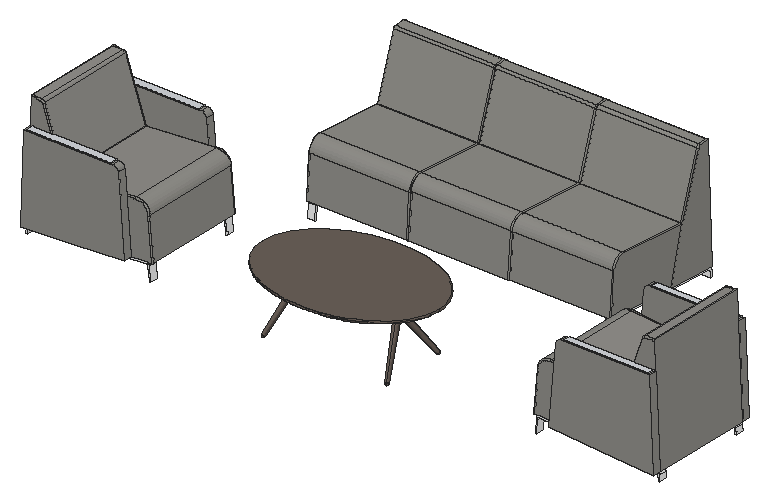
Revit family "T300191", category Furniture, Revit 2015
Parameters (values of type "T300191")
  URL = "https://ofs.com/"
  Manufacturer = "OFS"
  Description = "OFS TYPICAL T300191"
  Copyright © = "©OFS 2021"
  Catalog = "https://ofs.com/2020-experience"
  Authoring Version = "Autodesk Revit Architecture 2015"
  Assembly Code = "E2020400"
Reference planes
  plane 1 "Center Front/Back": y = 0
  plane 2: z = 0
  plane 3 "Center Left/Right": x = 0
Dimensions and locks
  aligned and locked: level to plane 2
Nested families
  nested 1: "OFS ELEMENT OPEN L DESK LEFT AND RIGHT 84in Width 60in Return" at (2590.8, 478.631, 2133.6), type "ELEMENT OPEN L DESK LEFT RETURN 84in Width 60in Return"
    with Right Desk Ovelay no, Left Desk Overlay no, Desk Overlay Option yes
  nested 2: "OFS NEOM SOFA" at (-1701.799, 0, 0), type "OFS NEOM SOFA ARMLESS with Upholstered Back"
    with Arm Caps Option yes, Arm Caps On no
  nested 3: "OFS NEOM CHAIR" at (-1870.746, -3088.751, 0) x (0, 1, 0) z (0, 0, 1), type "OFS NEOM CHAIR UPHOLSTERED ARMS with Upholstered Back"
    with Arm Caps Option yes, Arm Caps On yes
  nested 4: "OFS NEOM CHAIR" at (1966.458, 314.848, 0) x (0, -1, 0) z (0, 0, 1), type "OFS NEOM CHAIR UPHOLSTERED ARMS with Upholstered Back"
    with Arm Caps Option yes, Arm Caps On yes
  nested 5: "OFS ROO OVAL COFFEE TABLE 42x30" at (-356.997, -1368.47, 0), type "ROO OVAL COFFEE TABLE 42x30"
Definition of nested family "OFS NEOM SOFA"
  Parameters (values of type "OFS NEOM SOFA ARMLESS with 3DL Back")
    Width = 72 1/2"
    Upholstered Arms = none
    Upholstered Arm = no
    URL = "http://www.ofs.com/"
    Seat Material = none
    Model = "2000-3 VO"
    Metal Arms = none
    Metal Arm = no
    Manufacturer = "CAROLINA"
    Legs Material = none
    Keynote = ""
    Height = 30"
    Description = "OFS NEOM SOFA ARMLESS with 3DL Back, Upholstered seat and back."
    Depth = 30 3/4"
    Copyright © = "©OFS 2019"
    Catalog = "https://carolina.ofs.com/products/seating/modular-lounge/neom"
    Back Panel Option = no
    Back Panel Material = none
    Authoring Version = "Autodesk Revit Architecture 2013"
    Assembly Code = "E2020200"
    Arm Caps Option [instance] = yes
    Arm Caps On [instance] = and(or(Metal Arm, Upholstered Arm), Arm Caps Option)  # no
    Arm Caps = none
    3DL Back Option = yes
  Types (10): name | Width | Upholstered Arm | Model | Metal Arm | Description | Back Panel Option | Arm Caps On | 3DL Back Option
    (no name) | 72 1/2" | no | "2000-3 VO" | no | "OFS NEOM SOFA ARMLESS with 3DL Back, Upholstered seat and back." | no | no | yes
    OFS NEOM SOFA ARMLESS with Upholstered Back | 72 1/2" | no | "2000-3 VZ" | no | "OFS NEOM SOFA ARMLESS with Upholstered Back, Upholstered seat and back." | no | no | no
    OFS NEOM SOFA UPHOLSTERED ARMS with Veneer Back | 76" | yes | "2005-3 WA" | no | "OFS NEOM SOFA UPHOLSTERED ARMS with Veneer Back, Upholstered seat and back" | yes | yes | no
    OFS NEOM SOFA METAL ARMS with Veneer Back | 76" | no | "2010-3 WA" | yes | "OFS NEOM SOFA METAL ARMS with Veneer Back, Upholstered seat and back" | yes | yes | no
    OFS NEOM SOFA ARMLESS with Veneer Back | 72 1/2" | no | "2000-3 WA" | no | "OFS NEOM SOFA ARMLESS with Veneer Back, Upholstered seat and back" | yes | no | no
    OFS NEOM SOFA ARMLESS with 3DL Back | 72 1/2" | no | "2000-3 VO" | no | "OFS NEOM SOFA ARMLESS with 3DL Back, Upholstered seat and back." | no | no | yes
    OFS NEOM SOFA METAL ARMS with Upholstered Back | 76" | no | "2010-3 VZ" | yes | "OFS NEOM SOFA METAL ARMS with Upholstered Back, Upholstered seat and back" | no | yes | no
    OFS NEOM SOFA METAL ARMS with 3DL Back | 76" | no | "2010-3 VO" | yes | "OFS NEOM SOFA METAL ARMS with 3DL Back, Upholstered seat and back" | no | yes | yes
    OFS NEOM SOFA UPHOLSTERED ARMS with 3DL Back | 76" | yes | "2005-3 VO" | no | "OFS NEOM SOFA UPHOLSTERED ARMS with 3DL Back, Upholstered seat and back" | no | yes | yes
    OFS NEOM SOFA UPHOLSTERED ARMS with Upholstered Back | 76" | yes | "2005-3 VZ" | no | "OFS NEOM SOFA UPHOLSTERED ARMS with Upholstered Back, Upholstered seat and back" | no | yes | no
  Reference planes
    plane 1 "Center Front/Back": y = 0
    plane 2: z = 0
    plane 3: x = 2667
    plane 4: y = -781.049
    plane 5: x = 2622.55
    plane 6: x = 2578.1
    plane 7: x = 2597.15
    plane 8: y = -76.2
    plane 9: x = 736.599
    plane 10: x = 781.049
    plane 11: x = 825.499
    plane 12: x = 806.449
    plane 13: x = 1701.799
  Forms (mm)
    Sweep 1, solid, material <- "Seat Material"
      path origin (0, 0, 0) x (1, 0, 0) y (0, 1, 0)
        loop
          line (781.049, 0) -> (2622.55, 0)
      profile origin (1701.799, 0, 0) x (0, 1, 0) y (0, 0, 1)
        loop
          arc (-665.282, 424.26) -> (-720.443, 406.419) -> (-747.086, 354.93) r 76.2
          line (-747.086, 354.93) -> (-769.119, 103.097) -> (-316.89, 73.158) -> (-232.526, 390.687) -> (-665.282, 424.26)
    Extrusion 2, solid, material <- "Metal Arms", visible <- "Metal Arm"
      sketch origin (0, 0, 0) x (0, 1, 0) y (0, 0, 1)
        loop
          arc (-131.014, 581.31) -> (-126.051, 580.042) -> (-122.306, 576.548) r 10.342
          arc (-122.306, 576.548) -> (-118.56, 573.054) -> (-113.598, 571.785) r 10.342
          line (-113.598, 571.785) -> (-25.468, 571.785) -> (-25.468, 587.66) -> (-564.882, 587.66)
          arc (-564.882, 587.66) -> (-586.332, 579.319) -> (-596.511, 558.677) r 31.75
          line (-596.511, 558.677) -> (-636.892, 97.123) -> (-621.077, 95.739) -> (-613.396, 183.533)
          arc (-613.396, 183.533) -> (-614.227, 188.588) -> (-617.382, 192.623) r 10.342
          arc (-617.382, 192.623) -> (-620.536, 196.659) -> (-621.367, 201.713) r 10.342
          line (-621.367, 201.713) -> (-590.185, 558.124)
          arc (-590.185, 558.124) -> (-582.042, 574.637) -> (-564.882, 581.31) r 25.4
          line (-564.882, 581.31) -> (-131.014, 581.31)
      from 2622.55 to 2667
    Extrusion 3, solid, material <- "Legs Material"
      sketch origin (0, 0, 0) x (0, 1, 0) y (0, 0, 1)
        loop
          line (-13.085, 0) -> (-3.547, 0) -> (-5.418, 35.702)
          arc (-5.418, 35.702) -> (-10.879, 48.083) -> (-23.184, 53.713) r 19.05
          line (-23.184, 53.713) -> (-316.89, 73.158) -> (-729.662, 100.485)
          arc (-729.662, 100.485) -> (-743.351, 95.912) -> (-749.905, 83.054) r 19.05
          line (-749.905, 83.054) -> (-756.806, 0) -> (-747.249, 0) -> (-740.413, 82.265)
          arc (-740.413, 82.265) -> (-737.136, 88.694) -> (-730.291, 90.981) r 9.525
          line (-730.291, 90.981) -> (-317.519, 63.654) -> (-23.813, 44.209)
          arc (-23.813, 44.209) -> (-17.661, 41.394) -> (-14.93, 35.204) r 9.525
          line (-14.93, 35.204) -> (-13.085, 0)
      from 2578.1 to 2622.55
    Sweep 4, void
      path origin (-1803.401, 0, 0) x (0, 1, 0) y (0, 0, 1)
        loop
          line (-24.381, 760.015) -> (-94.015, 754.525)
          arc (-94.015, 754.525) -> (-104.16, 750.612) -> (-110.512, 741.787) r 19.05
          line (-110.512, 741.787) -> (-232.508, 390.757)
      profile origin (-1803.401, -171.51, 566.272) x (0, 0.944582, -0.328277) y (1, 0, 0)
        loop
          line (0, 2590.8) -> (0, 2578.1)
          arc (0, 2578.1) -> (1.86, 2582.59) -> (6.35, 2584.45) r 6.35
          arc (6.35, 2584.45) -> (1.86, 2586.31) -> (0, 2590.8) r 6.35
    Sweep 5, void
      path origin (38.1, 0, 0) x (0, 1, 0) y (0, 0, 1)
        loop
          line (-24.381, 760.015) -> (-94.015, 754.525)
          arc (-94.015, 754.525) -> (-104.16, 750.612) -> (-110.512, 741.787) r 19.05
          line (-110.512, 741.787) -> (-232.508, 390.757)
      profile origin (38.1, -171.51, 566.272) x (0, 0.944582, -0.328277) y (1, 0, 0)
        loop
          line (0, 2590.8) -> (0, 2578.1)
          arc (0, 2578.1) -> (1.86, 2582.59) -> (6.35, 2584.45) r 6.35
          arc (6.35, 2584.45) -> (1.86, 2586.31) -> (0, 2590.8) r 6.35
    Sweep 6, void
      path origin (-1803.401, 0, 0) x (0, 1, 0) y (0, 0, 1)
        loop
          line (-215.783, 389.388) -> (-665.282, 424.26)
          arc (-665.282, 424.26) -> (-720.443, 406.419) -> (-747.086, 354.93) r 76.2
          line (-747.086, 354.93) -> (-770.884, 82.919)
      profile origin (-1803.401, -440.533, 406.824) x (0, -0.077349, -0.997004) y (1, 0, 0)
        loop
          arc (0, 2578.1) -> (1.86, 2582.59) -> (6.35, 2584.45) r 6.35
          arc (6.35, 2584.45) -> (1.86, 2586.31) -> (0, 2590.8) r 6.35
          line (0, 2590.8) -> (0, 2578.1)
    Sweep 7, void
      path origin (38.1, 0, 0) x (0, 1, 0) y (0, 0, 1)
        loop
          line (-215.783, 389.388) -> (-665.282, 424.26)
          arc (-665.282, 424.26) -> (-720.443, 406.419) -> (-747.086, 354.93) r 76.2
          line (-747.086, 354.93) -> (-770.884, 82.919)
      profile origin (38.1, -440.533, 406.824) x (0, -0.077349, -0.997004) y (1, 0, 0)
        loop
          arc (0, 2578.1) -> (1.86, 2582.59) -> (6.35, 2584.45) r 6.35
          arc (6.35, 2584.45) -> (1.86, 2586.31) -> (0, 2590.8) r 6.35
          line (0, 2590.8) -> (0, 2578.1)
    Sweep 8, void
      path origin (-1189.567, 0, 0) x (0, 1, 0) y (0, 0, 1)
        loop
          line (-24.381, 760.015) -> (-94.015, 754.525)
          arc (-94.015, 754.525) -> (-104.16, 750.612) -> (-110.512, 741.787) r 19.05
          line (-110.512, 741.787) -> (-232.508, 390.757)
      profile origin (-1189.567, -171.51, 566.272) x (0, 0.944582, -0.328277) y (1, 0, 0)
        loop
          line (0, 2590.8) -> (0, 2578.1)
          arc (0, 2578.1) -> (1.86, 2582.59) -> (6.35, 2584.45) r 6.35
          arc (6.35, 2584.45) -> (1.86, 2586.31) -> (0, 2590.8) r 6.35
    Sweep 9, void
      path origin (-1189.567, 0, 0) x (0, 1, 0) y (0, 0, 1)
        loop
          line (-215.783, 389.388) -> (-665.282, 424.26)
          arc (-665.282, 424.26) -> (-720.443, 406.419) -> (-747.086, 354.93) r 76.2
          line (-747.086, 354.93) -> (-770.884, 82.919)
      profile origin (-1189.567, -440.533, 406.824) x (0, -0.077349, -0.997004) y (1, 0, 0)
        loop
          arc (0, 2578.1) -> (1.86, 2582.59) -> (6.35, 2584.45) r 6.35
          arc (6.35, 2584.45) -> (1.86, 2586.31) -> (0, 2590.8) r 6.35
          line (0, 2590.8) -> (0, 2578.1)
    Extrusion 10, solid, material <- "Upholstered Arms", visible <- "Upholstered Arm"
      sketch origin (0, 0, 0) x (0, 1, 0) y (0, 0, 1)
        loop
          line (-27.103, 587.66) -> (-564.882, 587.66)
          arc (-564.882, 587.66) -> (-586.332, 579.319) -> (-596.511, 558.677) r 31.75
          line (-596.511, 558.677) -> (-637.134, 94.359) -> (-316.89, 73.158) -> (-2.932, 52.373) -> (-27.103, 587.66)
      from 2622.55 to 2667
    Sweep 11, void
      path origin (-575.734, 0, 0) x (0, 1, 0) y (0, 0, 1)
        loop
          line (-24.381, 760.015) -> (-94.015, 754.525)
          arc (-94.015, 754.525) -> (-104.16, 750.612) -> (-110.512, 741.787) r 19.05
          line (-110.512, 741.787) -> (-232.508, 390.757)
      profile origin (-575.734, -171.51, 566.272) x (0, 0.944582, -0.328277) y (1, 0, 0)
        loop
          line (0, 2590.8) -> (0, 2578.1)
          arc (0, 2578.1) -> (1.86, 2582.59) -> (6.35, 2584.45) r 6.35
          arc (6.35, 2584.45) -> (1.86, 2586.31) -> (0, 2590.8) r 6.35
    Sweep 12, void
      path origin (-575.734, 0, 0) x (0, 1, 0) y (0, 0, 1)
        loop
          line (-215.783, 389.388) -> (-665.282, 424.26)
          arc (-665.282, 424.26) -> (-720.443, 406.419) -> (-747.086, 354.93) r 76.2
          line (-747.086, 354.93) -> (-770.884, 82.919)
      profile origin (-575.734, -440.533, 406.824) x (0, -0.077349, -0.997004) y (1, 0, 0)
        loop
          arc (0, 2578.1) -> (1.86, 2582.59) -> (6.35, 2584.45) r 6.35
          arc (6.35, 2584.45) -> (1.86, 2586.31) -> (0, 2590.8) r 6.35
          line (0, 2590.8) -> (0, 2578.1)
    Extrusion 13, solid, visible <- "Arm Caps On"
      sketch origin (0, 0, 0) x (0, -1, 0) y (1, 0, 0)
        loop
          line (43.372, 2622.55) -> (550.428, 2622.55) -> (550.428, 2667) -> (43.372, 2667) -> (43.372, 2622.55)
      from 587.66 to 593.725
    Extrusion 14, solid, material <- "Back Panel Material", visible <- "Back Panel Option"
      sketch origin (0, 0, 0) x (0, 1, 0) y (0, 0, 1)
        loop
          line (-4.057, 77.295) -> (21.369, 77.295) -> (-8.415, 736.879) -> (-33.841, 736.879) -> (-4.057, 77.295)
      from 806.449 to 2597.15
    Extrusion 15, solid, material <- "Back Panel Material", visible <- "3DL Back Option"
      sketch origin (0, 0, 0) x (0, 1, 0) y (0, 0, 1)
        loop
          line (-4.057, 77.295) -> (21.369, 77.295) -> (-8.415, 736.879) -> (-33.841, 736.879) -> (-4.057, 77.295)
      from 806.449 to 2597.15
    Sweep 16, void
      path origin (0, 21.324, 78.297) x (0, 0.04511, -0.998982) y (-1, 0, 0)
        loop
          line (-659.253, -806.449) -> (-659.253, -2597.15) -> (1.004, -2597.15) -> (1.004, -806.449) -> (-659.253, -806.449)
      profile origin (806.449, 6.477, 407.087) x (-1, 0, 0) y (0, 0.998982, 0.04511)
        loop
          line (2.02, -10.263) -> (2.896, 2.275) -> (-50.8, 2.275) -> (-50.8, 0)
          arc (-50.8, 0) -> (-27.38, -2.182) -> (-4.087, -5.451) r 505.782
          arc (-4.087, -5.451) -> (-1.16, -7.106) -> (0, -10.263) r 4.877
          line (0, -10.263) -> (2.02, -10.263)
    Sweep 17, solid, material <- "Seat Material"
      path origin (0, 0, 0) x (1, 0, 0) y (0, 1, 0)
        loop
          line (781.049, 0) -> (2622.55, 0)
      profile origin (1701.799, 0, 0) x (0, 1, 0) y (0, 0, 1)
        loop
          line (-316.89, 73.158) -> (-2.932, 52.373) -> (-34.701, 755.91)
          arc (-34.701, 755.91) -> (-35.771, 758.146) -> (-38.122, 758.932) r 3.175
          line (-38.122, 758.932) -> (-94.015, 754.525)
          arc (-94.015, 754.525) -> (-104.16, 750.612) -> (-110.512, 741.787) r 19.05
          line (-110.512, 741.787) -> (-232.508, 390.757) -> (-316.89, 73.158)
    Extrusion 18, solid, material <- "Metal Arms", visible <- "Metal Arm"
      sketch origin (3403.599, 0, 0) x (0, 1, 0) y (0, 0, -1)
        loop
          line (-131.014, -581.31) -> (-564.882, -581.31)
          arc (-564.882, -581.31) -> (-582.042, -574.637) -> (-590.185, -558.124) r 25.4
          line (-590.185, -558.124) -> (-621.367, -201.713)
          arc (-621.367, -201.713) -> (-620.536, -196.659) -> (-617.382, -192.623) r 10.342
          arc (-617.382, -192.623) -> (-614.227, -188.588) -> (-613.396, -183.533) r 10.342
          line (-613.396, -183.533) -> (-621.077, -95.739) -> (-636.892, -97.123) -> (-596.511, -558.677)
          arc (-596.511, -558.677) -> (-586.332, -579.319) -> (-564.882, -587.66) r 31.75
          line (-564.882, -587.66) -> (-25.468, -587.66) -> (-25.468, -571.785) -> (-113.598, -571.785)
          arc (-113.598, -571.785) -> (-118.56, -573.054) -> (-122.306, -576.548) r 10.342
          arc (-122.306, -576.548) -> (-126.051, -580.042) -> (-131.014, -581.31) r 10.342
      from 2622.55 to 2667
    Extrusion 19, solid, material <- "Legs Material"
      sketch origin (3403.599, 0, 0) x (0, 1, 0) y (0, 0, -1)
        loop
          line (-13.085, 0) -> (-14.93, -35.204)
          arc (-14.93, -35.204) -> (-17.661, -41.394) -> (-23.813, -44.209) r 9.525
          line (-23.813, -44.209) -> (-317.519, -63.654) -> (-730.291, -90.981)
          arc (-730.291, -90.981) -> (-737.136, -88.694) -> (-740.413, -82.265) r 9.525
          line (-740.413, -82.265) -> (-747.249, 0) -> (-756.806, 0) -> (-749.905, -83.054)
          arc (-749.905, -83.054) -> (-743.351, -95.912) -> (-729.662, -100.485) r 19.05
          line (-729.662, -100.485) -> (-316.89, -73.158) -> (-23.184, -53.713)
          arc (-23.184, -53.713) -> (-10.879, -48.083) -> (-5.418, -35.702) r 19.05
          line (-5.418, -35.702) -> (-3.547, 0) -> (-13.085, 0)
      from 2578.1 to 2622.55
    Extrusion 20, solid, material <- "Upholstered Arms", visible <- "Upholstered Arm"
      sketch origin (3403.599, 0, 0) x (0, 1, 0) y (0, 0, -1)
        loop
          line (-27.103, -587.66) -> (-2.932, -52.373) -> (-316.89, -73.158) -> (-637.134, -94.359) -> (-596.511, -558.677)
          arc (-596.511, -558.677) -> (-586.332, -579.319) -> (-564.882, -587.66) r 31.75
          line (-564.882, -587.66) -> (-27.103, -587.66)
      from 2622.55 to 2667
    Extrusion 21, solid, visible <- "Arm Caps On"
      sketch origin (3403.599, 0, 0) x (0, -1, 0) y (1, 0, 0)
        loop
          line (43.372, -2622.55) -> (43.372, -2667) -> (550.428, -2667) -> (550.428, -2622.55) -> (43.372, -2622.55)
      from 587.66 to 593.725
  Cuts and joins
    Sweep 6, Sweep 7, Sweep 9, Sweep 12 cuts Sweep 1
    Sweep 16 cuts Extrusion 15
    Sweep 4, Sweep 5, Sweep 8, Sweep 11 cuts Sweep 17
  Dimensions and locks
    plane 4 to plane 1 "Center Front/Back" = 30.74996"
    locked: plane 5 to plane 3 at 44.45
    locked: plane 5 to plane 6 at 44.45
    locked: plane 7 to plane 5 at 25.4
    locked: plane 8 to plane 1 "Center Front/Back" at 76.2
    locked: plane 10 to plane 9 at 44.45
    locked: plane 10 to plane 11 at 44.45
    locked: plane 12 to plane 10 at 25.4
    plane 10 to plane 5 = 72.50004"
    equal spacing: plane 9, plane 13, plane 3
    aligned and locked: level to plane 2
    aligned and locked: plane 3 to Extrusion 2
    aligned and locked: Extrusion 2 to plane 5
    aligned and locked: plane 5 to Extrusion 3
    aligned and locked: plane 6 to Extrusion 3
    aligned and locked: Sweep 7 to plane 5
    aligned and locked: Sweep 5 to plane 5
    aligned and locked: plane 3 to Extrusion 10
    aligned and locked: Extrusion 10 to plane 5
    aligned and locked: plane 3 to Extrusion 13
    aligned and locked: Extrusion 13 to plane 5
    aligned and locked: plane 7 to Extrusion 14
  Automatic sketch dimensions
    plane 1 "Center Front/Back" to Sweep 1 sketch curve = 0"
    Sweep 1 sketch curve to plane 10 = 0"
    Sweep 1 sketch curve to plane 5 = 0"
    level to Sweep 1 sketch curve = 4.05894"
    profile plane to Sweep 1 sketch curve = 30.28027"
    level to Sweep 1 sketch curve = 2.88024"
    level to Sweep 1 sketch curve = 13.97362"
    Sweep 1 sketch curve to Sweep 1 sketch curve = 0.86742"
    Sweep 1 sketch curve to Sweep 1 sketch curve = 3.22063"
    profile plane to Sweep 1 sketch curve = 12.476"
    profile plane to Sweep 1 sketch curve = 9.15458"
    Sweep 1 sketch curve to Sweep 1 sketch curve = 2.98858"
    Sweep 1 sketch curve to Sweep 1 sketch curve = 12.50113"
    Sweep 1 sketch curve to Sweep 1 sketch curve = 2.72955"
    Extrusion 2 sketch curve to Extrusion 2 sketch curve = 0"  (x4)
    Extrusion 2 sketch curve to plane 4 = 5.67548"
    level to Extrusion 2 sketch curve = 3.76926"
    Extrusion 2 sketch curve to Extrusion 2 sketch curve = 0.61121"
    Extrusion 2 sketch curve to Extrusion 2 sketch curve = 0.62262"
    Extrusion 2 sketch curve to Extrusion 2 sketch curve = 0.31381"
    Extrusion 2 sketch curve to plane 4 = 7.26527"
    Extrusion 2 sketch curve to Extrusion 2 sketch curve = 0.24905"
    Extrusion 2 sketch curve to Extrusion 2 sketch curve = 0.99619"
    plane 8 to Extrusion 2 sketch curve = 2.15801"
    Extrusion 2 sketch curve to Extrusion 2 sketch curve = 0.68566"
    plane 1 "Center Front/Back" to Extrusion 2 sketch curve = 1.00268"
    Extrusion 2 sketch curve to Extrusion 2 sketch curve = 0.40562"
    Extrusion 2 sketch curve to Extrusion 2 sketch curve = 0.15691"
    Extrusion 2 sketch curve to Extrusion 2 sketch curve = 0.24871"
    Extrusion 2 sketch curve to Extrusion 2 sketch curve = 0.34283"
    Extrusion 2 sketch curve to Extrusion 2 sketch curve = 0.05447"
    Extrusion 2 sketch curve to Extrusion 2 sketch curve = 0.71573"
    Extrusion 2 sketch curve to Extrusion 2 sketch curve = 0.02179"
    Extrusion 2 sketch curve to Extrusion 2 sketch curve = 0.53784"
    Extrusion 2 sketch curve to Extrusion 2 sketch curve = 0.91284"
    Extrusion 3 sketch curve to level = 0"  (x2)
    Extrusion 3 sketch curve to plane 4 = 0.95443"
    plane 1 "Center Front/Back" to Extrusion 3 sketch curve = 0.5878"
    level to Extrusion 3 sketch curve = 1.38597"
    Extrusion 3 sketch curve to plane 4 = 1.22613"
    Extrusion 3 sketch curve to Extrusion 3 sketch curve = 0.37629"
    Extrusion 3 sketch curve to Extrusion 3 sketch curve = 0.37371"  (x2)
    Extrusion 3 sketch curve to Extrusion 3 sketch curve = 0.39848"
    Extrusion 3 sketch curve to Extrusion 3 sketch curve = 0.02477"  (x3)
    level to Extrusion 3 sketch curve = 2.50605"
    plane 8 to Extrusion 3 sketch curve = 9.50077"
    level to Extrusion 3 sketch curve = 2.88024"
    Extrusion 3 sketch curve to Extrusion 3 sketch curve = 0.34971"
    plane 1 "Center Front/Back" to Extrusion 3 sketch curve = 0.51516"
    plane 1 "Center Front/Back" to Extrusion 3 sketch curve = 0.21331"
    plane 1 "Center Front/Back" to Extrusion 3 sketch curve = 0.13965"
    Extrusion 3 sketch curve to Extrusion 3 sketch curve = 0"  (x2)
    Extrusion 3 sketch curve to Extrusion 3 sketch curve = 0.37449"
    Extrusion 3 sketch curve to Extrusion 3 sketch curve = 0.01963"
    Extrusion 3 sketch curve to Extrusion 3 sketch curve = 0.35455"
    Extrusion 3 sketch curve to Extrusion 3 sketch curve = 0.37418"  (x2)
    level to Extrusion 3 sketch curve = 3.23879"
    Extrusion 3 sketch curve to Extrusion 3 sketch curve = 0.03105"
    Extrusion 3 sketch curve to Extrusion 3 sketch curve = 0.34313"
    plane 8 to Sweep 4 sketch curve = 1.35087"
    level to Sweep 4 sketch curve = 29.20422"
    plane 8 to Sweep 4 sketch curve = 0.70139"
    plane 8 to Sweep 4 sketch curve = 6.15384"
    plane 8 to Sweep 4 sketch curve = 0.64243"
    plane 1 "Center Front/Back" to Sweep 4 sketch curve = 0.9599"
    Sweep 4 sketch curve to Sweep 4 sketch curve = 0.50147"
    Sweep 4 sketch curve to Sweep 4 sketch curve = 13.82007"
    Sweep 4 sketch curve to Sweep 4 sketch curve = 0.21617"
    Sweep 4 sketch curve to profile plane = 0"  (x2)
    profile plane to Sweep 4 sketch curve = 101 1/2"
    Sweep 4 sketch curve to Sweep 4 sketch curve = 1/4"
    Sweep 4 sketch curve to Sweep 4 sketch curve = 0"  (x3)
    plane 8 to Sweep 5 sketch curve = 1.35087"
    level to Sweep 5 sketch curve = 29.20422"
    plane 8 to Sweep 5 sketch curve = 0.70139"
    plane 8 to Sweep 5 sketch curve = 6.15384"
    plane 8 to Sweep 5 sketch curve = 0.64243"
    plane 1 "Center Front/Back" to Sweep 5 sketch curve = 0.9599"
    Sweep 5 sketch curve to Sweep 5 sketch curve = 0.50147"
    Sweep 5 sketch curve to Sweep 5 sketch curve = 13.82007"
    Sweep 5 sketch curve to Sweep 5 sketch curve = 0.21617"
    Sweep 5 sketch curve to profile plane = 0"  (x2)
    profile plane to Sweep 5 sketch curve = 101 1/2"
    Sweep 5 sketch curve to Sweep 5 sketch curve = 1/4"
    Sweep 5 sketch curve to Sweep 5 sketch curve = 0"  (x3)
    Sweep 6 sketch curve to plane 4 = 1.33711"
    level to Sweep 6 sketch curve = 13.97362"
    Sweep 6 sketch curve to Sweep 6 sketch curve = 3.22063"
    Sweep 6 sketch curve to plane 4 = 0.40019"
    Sweep 6 sketch curve to Sweep 6 sketch curve = 0.23205"
    plane 8 to Sweep 6 sketch curve = 5.4954"
    Sweep 6 sketch curve to Sweep 6 sketch curve = 2.72955"
    level to Sweep 6 sketch curve = 3.26452"
    level to Sweep 6 sketch curve = 15.33022"
    Sweep 6 sketch curve to profile plane = 0"  (x2)
    profile plane to Sweep 6 sketch curve = 102"
    Sweep 6 sketch curve to Sweep 6 sketch curve = 1/4"  (x2)
    Sweep 6 sketch curve to Sweep 6 sketch curve = 0"  (x2)
    Sweep 7 sketch curve to plane 4 = 1.33711"
    level to Sweep 7 sketch curve = 13.97362"
    Sweep 7 sketch curve to Sweep 7 sketch curve = 3.22063"
    Sweep 7 sketch curve to plane 4 = 0.40019"
    Sweep 7 sketch curve to Sweep 7 sketch curve = 0.23205"
    plane 8 to Sweep 7 sketch curve = 5.4954"
    Sweep 7 sketch curve to Sweep 7 sketch curve = 2.72955"
    level to Sweep 7 sketch curve = 3.26452"
    level to Sweep 7 sketch curve = 15.33022"
    Sweep 7 sketch curve to profile plane = 0"  (x2)
    profile plane to Sweep 7 sketch curve = 102"
    Sweep 7 sketch curve to Sweep 7 sketch curve = 1/4"  (x2)
    Sweep 7 sketch curve to Sweep 7 sketch curve = 0"  (x2)
    plane 8 to Sweep 8 sketch curve = 1.35087"
    level to Sweep 8 sketch curve = 29.20422"
    plane 8 to Sweep 8 sketch curve = 0.70139"
    plane 8 to Sweep 8 sketch curve = 6.15384"
    plane 8 to Sweep 8 sketch curve = 0.64243"
    plane 1 "Center Front/Back" to Sweep 8 sketch curve = 0.9599"
    Sweep 8 sketch curve to Sweep 8 sketch curve = 0.50147"
    Sweep 8 sketch curve to Sweep 8 sketch curve = 13.82007"
    Sweep 8 sketch curve to Sweep 8 sketch curve = 0.21617"
    Sweep 8 sketch curve to profile plane = 0"  (x2)
    profile plane to Sweep 8 sketch curve = 101 1/2"
    Sweep 8 sketch curve to Sweep 8 sketch curve = 1/4"
    Sweep 8 sketch curve to Sweep 8 sketch curve = 0"  (x3)
    Sweep 9 sketch curve to plane 4 = 1.33711"
    level to Sweep 9 sketch curve = 13.97362"
    Sweep 9 sketch curve to Sweep 9 sketch curve = 3.22063"
    Sweep 9 sketch curve to plane 4 = 0.40019"
    Sweep 9 sketch curve to Sweep 9 sketch curve = 0.23205"
    plane 8 to Sweep 9 sketch curve = 5.4954"
    Sweep 9 sketch curve to Sweep 9 sketch curve = 2.72955"
    level to Sweep 9 sketch curve = 3.26452"
    level to Sweep 9 sketch curve = 15.33022"
    Sweep 9 sketch curve to profile plane = 0"  (x2)
    profile plane to Sweep 9 sketch curve = 102"
    Sweep 9 sketch curve to Sweep 9 sketch curve = 1/4"  (x2)
    Sweep 9 sketch curve to Sweep 9 sketch curve = 0"  (x2)
    Extrusion 10 sketch curve to plane 4 = 5.66596"
    plane 1 "Center Front/Back" to Extrusion 10 sketch curve = 0.11542"
    level to Extrusion 10 sketch curve = 2.06192"
    Extrusion 10 sketch curve to plane 4 = 7.26527"
    Extrusion 10 sketch curve to Extrusion 10 sketch curve = 1.24524"
    level to Extrusion 10 sketch curve = 2.88024"
    plane 8 to Extrusion 10 sketch curve = 9.476"
    plane 1 "Center Front/Back" to Extrusion 10 sketch curve = 1.06705"
    level to Extrusion 10 sketch curve = 3.71493"
    Extrusion 10 sketch curve to Extrusion 10 sketch curve = 18.28024"
    Extrusion 10 sketch curve to Extrusion 10 sketch curve = 1.14106"
    plane 8 to Sweep 11 sketch curve = 1.35087"
    level to Sweep 11 sketch curve = 29.20422"
    plane 8 to Sweep 11 sketch curve = 0.70139"
    plane 8 to Sweep 11 sketch curve = 6.15384"
    plane 8 to Sweep 11 sketch curve = 0.64243"
    plane 1 "Center Front/Back" to Sweep 11 sketch curve = 0.9599"
    Sweep 11 sketch curve to Sweep 11 sketch curve = 0.50147"
    Sweep 11 sketch curve to Sweep 11 sketch curve = 13.82007"
    Sweep 11 sketch curve to Sweep 11 sketch curve = 0.21617"
    Sweep 11 sketch curve to profile plane = 0"  (x2)
    profile plane to Sweep 11 sketch curve = 101 1/2"
    Sweep 11 sketch curve to Sweep 11 sketch curve = 1/4"
    Sweep 11 sketch curve to Sweep 11 sketch curve = 0"  (x3)
    Sweep 12 sketch curve to plane 4 = 1.33711"
    level to Sweep 12 sketch curve = 13.97362"
    Sweep 12 sketch curve to Sweep 12 sketch curve = 3.22063"
    Sweep 12 sketch curve to plane 4 = 0.40019"
    Sweep 12 sketch curve to Sweep 12 sketch curve = 0.23205"
    plane 8 to Sweep 12 sketch curve = 5.4954"
    Sweep 12 sketch curve to Sweep 12 sketch curve = 2.72955"
    level to Sweep 12 sketch curve = 3.26452"
    level to Sweep 12 sketch curve = 15.33022"
    Sweep 12 sketch curve to profile plane = 0"  (x2)
    profile plane to Sweep 12 sketch curve = 102"
    Sweep 12 sketch curve to Sweep 12 sketch curve = 1/4"  (x2)
    Sweep 12 sketch curve to Sweep 12 sketch curve = 0"  (x2)
    Extrusion 13 sketch curve to plane 3 = 0"
    Extrusion 13 sketch curve to plane 5 = 0"
    plane 8 to Extrusion 13 sketch curve = 1.29243"
    plane 4 to Extrusion 13 sketch curve = 9.07958"
    plane 1 "Center Front/Back" to Extrusion 14 sketch curve = 1.33233"
    plane 1 "Center Front/Back" to Extrusion 14 sketch curve = 0.15972"
    level to Extrusion 14 sketch curve = 3.0431"
    plane 1 "Center Front/Back" to Extrusion 14 sketch curve = 0.33132"
    Extrusion 14 sketch curve to plane 1 "Center Front/Back" = 0.8413"
    Extrusion 14 sketch curve to Extrusion 14 sketch curve = 25.96789"
    plane 1 "Center Front/Back" to Extrusion 15 sketch curve = 1.33233"
    plane 1 "Center Front/Back" to Extrusion 15 sketch curve = 0.15972"
    level to Extrusion 15 sketch curve = 3.0431"
    plane 1 "Center Front/Back" to Extrusion 15 sketch curve = 0.33132"
    Extrusion 15 sketch curve to plane 1 "Center Front/Back" = 0.8413"
    Extrusion 15 sketch curve to Extrusion 15 sketch curve = 25.96789"
    Sweep 16 sketch curve to plane 12 = 0"
    Sweep 16 sketch curve to plane 7 = 0"
    Sweep 16 sketch curve to Sweep 16 sketch curve = 25.99436"
    profile plane to Sweep 16 sketch curve = 0"
    Sweep 16 sketch curve to profile plane = 0"
    Sweep 16 sketch curve to profile plane = 0.07951"
    Sweep 16 sketch curve to profile plane = 0.40406"
    profile plane to Sweep 16 sketch curve = 0.08955"
    profile plane to Sweep 16 sketch curve = 2"
    Sweep 16 sketch curve to profile plane = 0.11403"
    profile plane to Sweep 16 sketch curve = 3.3859"
    profile plane to Sweep 16 sketch curve = 0.19199"
    profile plane to Sweep 16 sketch curve = 0.16089"
    plane 1 "Center Front/Back" to Sweep 17 sketch curve = 0"
    Sweep 17 sketch curve to plane 10 = 0"
    Sweep 17 sketch curve to plane 5 = 0"
    profile plane to Sweep 17 sketch curve = 2.88024"
    profile plane to Sweep 17 sketch curve = 12.476"
    profile plane to Sweep 17 sketch curve = 0.11542"
    profile plane to Sweep 17 sketch curve = 2.06192"
    profile plane to Sweep 17 sketch curve = 9.15384"
    profile plane to Sweep 17 sketch curve = 4.35087"
    Sweep 17 sketch curve to Sweep 17 sketch curve = 0.64948"
    profile plane to Sweep 17 sketch curve = 1.50087"
    Sweep 17 sketch curve to Sweep 17 sketch curve = 0.1347"
    Sweep 17 sketch curve to Sweep 17 sketch curve = 0.70844"
    Sweep 17 sketch curve to Sweep 17 sketch curve = 0.00983"
    Sweep 17 sketch curve to Sweep 17 sketch curve = 12 129/256"
    Sweep 17 sketch curve to Sweep 17 sketch curve = 13.82007"
    Sweep 17 sketch curve to Sweep 17 sketch curve = 0.50147"
    Sweep 17 sketch curve to Sweep 17 sketch curve = 0.05454"
    Sweep 17 sketch curve to Sweep 17 sketch curve = 0.11897"
    Extrusion 18 sketch curve to Extrusion 18 sketch curve = 0"  (x4)
    Extrusion 18 sketch curve to plane 4 = 5.67548"
    plane 1 "Center Front/Back" to Extrusion 18 sketch curve = 1.00268"
    level to Extrusion 18 sketch curve = 23.13623"
    Extrusion 18 sketch curve to Extrusion 18 sketch curve = 0.61121"
    Extrusion 18 sketch curve to Extrusion 18 sketch curve = 0.62262"
    Extrusion 18 sketch curve to Extrusion 18 sketch curve = 0.31381"
    Extrusion 18 sketch curve to plane 4 = 7.26527"
    Extrusion 18 sketch curve to Extrusion 18 sketch curve = 0.24905"
    Extrusion 18 sketch curve to Extrusion 18 sketch curve = 0.99619"
    plane 8 to Extrusion 18 sketch curve = 2.15801"
    Extrusion 18 sketch curve to Extrusion 18 sketch curve = 0.68566"
    Extrusion 18 sketch curve to Extrusion 18 sketch curve = 0.40562"  (x2)
    Extrusion 18 sketch curve to Extrusion 18 sketch curve = 0.15691"
    Extrusion 18 sketch curve to Extrusion 18 sketch curve = 0.34283"
    Extrusion 18 sketch curve to Extrusion 18 sketch curve = 1/4"
    Extrusion 18 sketch curve to Extrusion 18 sketch curve = 3/8"
    Extrusion 18 sketch curve to Extrusion 18 sketch curve = 0.89106"
    level to Extrusion 18 sketch curve = 7.94146"
    Extrusion 18 sketch curve to Extrusion 18 sketch curve = 0.71573"
    Extrusion 19 sketch curve to level = 0"  (x2)
    Extrusion 19 sketch curve to plane 4 = 0.95443"
    level to Extrusion 19 sketch curve = 3.9561"
    Extrusion 19 sketch curve to plane 4 = 1.22613"
    Extrusion 19 sketch curve to Extrusion 19 sketch curve = 0.37629"
    Extrusion 19 sketch curve to Extrusion 19 sketch curve = 0.37371"  (x2)
    Extrusion 19 sketch curve to Extrusion 19 sketch curve = 0.39848"
    Extrusion 19 sketch curve to Extrusion 19 sketch curve = 0.02477"  (x3)
    level to Extrusion 19 sketch curve = 2.50605"
    plane 8 to Extrusion 19 sketch curve = 9.50077"
    level to Extrusion 19 sketch curve = 2.88024"
    plane 1 "Center Front/Back" to Extrusion 19 sketch curve = 15/16"
    Extrusion 19 sketch curve to Extrusion 19 sketch curve = 0.34971"
    plane 1 "Center Front/Back" to Extrusion 19 sketch curve = 0.51516"
    plane 1 "Center Front/Back" to Extrusion 19 sketch curve = 0.21331"
    plane 1 "Center Front/Back" to Extrusion 19 sketch curve = 0.13965"
    Extrusion 19 sketch curve to Extrusion 19 sketch curve = 0"  (x2)
    Extrusion 19 sketch curve to Extrusion 19 sketch curve = 0.37449"
    Extrusion 19 sketch curve to Extrusion 19 sketch curve = 0.37418"  (x2)
    Extrusion 19 sketch curve to Extrusion 19 sketch curve = 0.31207"
    Extrusion 19 sketch curve to Extrusion 19 sketch curve = 0.03105"
    level to Extrusion 19 sketch curve = 2.1147"
    Extrusion 19 sketch curve to Extrusion 19 sketch curve = 0.33493"
    Extrusion 19 sketch curve to Extrusion 19 sketch curve = 0.01963"
    Extrusion 20 sketch curve to plane 4 = 5.66596"
    plane 1 "Center Front/Back" to Extrusion 20 sketch curve = 1.06705"
    level to Extrusion 20 sketch curve = 23.13623"
    Extrusion 20 sketch curve to plane 4 = 7.26527"
    Extrusion 20 sketch curve to Extrusion 20 sketch curve = 1.24524"
    level to Extrusion 20 sketch curve = 2.88024"
    plane 8 to Extrusion 20 sketch curve = 9.476"
    plane 1 "Center Front/Back" to Extrusion 20 sketch curve = 0.11542"
    Extrusion 20 sketch curve to Extrusion 20 sketch curve = 1.14106"
    level to Extrusion 20 sketch curve = 3.71493"
    level to Extrusion 20 sketch curve = 2.06192"
    Extrusion 21 sketch curve to plane 9 = 0"
    Extrusion 21 sketch curve to plane 10 = 0"
    Extrusion 21 sketch curve to plane 8 = 1.29243"
    Extrusion 21 sketch curve to plane 4 = 9.07958"
Definition of nested family "OFS NEOM CHAIR"
  Parameters (values of type "OFS NEOM CHAIR ARMLESS with 3DL Back")
    Width = 48 1/2"
    Upholstered Arms = none
    Upholstered Arm = no
    URL = "http://www.ofs.com/"
    Seat Material = none
    Model = "2000-1 VO"
    Metal Arms = none
    Metal Arm = no
    Manufacturer = "CAROLINA"
    Legs Material = none
    Keynote = ""
    Height = 30"
    Description = "OFS NEOM CHAIR ARMLESS with 3DL Back, Upholstered seat and back."
    Depth = 30 3/4"
    Copyright © = "©OFS 2019"
    Catalog = "https://carolina.ofs.com/products/seating/modular-lounge/neom"
    Back Panel Option = no
    Back Panel Material = none
    Authoring Version = "Autodesk Revit Architecture 2013"
    Assembly Code = "E2020200"
    Arm Caps Option [instance] = yes
    Arm Caps On [instance] = and(or(Metal Arm, Upholstered Arm), Arm Caps Option)  # no
    Arm Caps = none
    3DL Back Option = yes
  Types (10): name | Width | Upholstered Arm | Model | Metal Arm | Description | Back Panel Option | Arm Caps On | 3DL Back Option
    (no name) | 48 1/2" | no | "2000-1 VO" | no | "OFS NEOM CHAIR ARMLESS with 3DL Back, Upholstered seat and back." | no | no | yes
    OFS NEOM CHAIR ARMLESS with Upholstered Back | 48 1/2" | no | "2000-1 VZ" | no | "OFS NEOM CHAIR ARMLESS with Upholstered Back, Upholstered seat and back." | no | no | no
    OFS NEOM CHAIR UPHOLSTERED ARMS with Veneer Back | 52" | yes | "2005-1 WA" | no | "OFS NEOM CHAIR UPHOLSTERED ARMS with Veneer Back, Upholstered seat and back" | yes | yes | no
    OFS NEOM CHAIR METAL ARMS with Veneer Back | 52" | no | "2010-1 WA" | yes | "OFS NEOM CHAIR METAL ARMS with Veneer Back, Upholstered seat and back" | yes | yes | no
    OFS NEOM CHAIR ARMLESS with Veneer Back | 48 1/2" | no | "2000-1 WA" | no | "OFS NEOM CHAIR ARMLESS with Veneer Back, Upholstered seat and back" | yes | no | no
    OFS NEOM CHAIR ARMLESS with 3DL Back | 48 1/2" | no | "2000-1 VO" | no | "OFS NEOM CHAIR ARMLESS with 3DL Back, Upholstered seat and back." | no | no | yes
    OFS NEOM CHAIR METAL ARMS with Upholstered Back | 52" | no | "2010-1 VZ" | yes | "OFS NEOM CHAIR METAL ARMS with Upholstered Back, Upholstered seat and back" | no | yes | no
    OFS NEOM CHAIR METAL ARMS with 3DL Back | 52" | no | "2010-1 VO" | yes | "OFS NEOM CHAIR METAL ARMS with 3DL Back, Upholstered seat and back" | no | yes | yes
    OFS NEOM CHAIR UPHOLSTERED ARMS with 3DL Back | 52" | yes | "2005-1 VO" | no | "OFS NEOM CHAIR UPHOLSTERED ARMS with 3DL Back, Upholstered seat and back" | no | yes | yes
    OFS NEOM CHAIR UPHOLSTERED ARMS with Upholstered Back | 52" | yes | "2005-1 VZ" | no | "OFS NEOM CHAIR UPHOLSTERED ARMS with Upholstered Back, Upholstered seat and back" | no | yes | no
  Reference planes
    plane 1 "Center Front/Back": y = 0
    plane 2: z = 0
    plane 3: x = 2057.4
    plane 4: y = -781.049
    plane 5: x = 2012.95
    plane 6: x = 1968.5
    plane 7: x = 1987.55
    plane 8: y = -76.2
    plane 9: x = 1346.199
    plane 10: x = 1390.649
    plane 11: x = 1435.099
    plane 12: x = 1416.049
    plane 13: x = 1701.799
  Forms (mm)
    Sweep 1, solid, material <- "Seat Material"
      path origin (0, 0, 0) x (1, 0, 0) y (0, 1, 0)
        loop
          line (1390.649, 0) -> (2012.95, 0)
      profile origin (1701.799, 0, 0) x (0, 1, 0) y (0, 0, 1)
        loop
          arc (-665.282, 424.26) -> (-720.443, 406.419) -> (-747.086, 354.93) r 76.2
          line (-747.086, 354.93) -> (-769.119, 103.097) -> (-316.89, 73.158) -> (-232.526, 390.687) -> (-665.282, 424.26)
    Extrusion 2, solid, material <- "Metal Arms", visible <- "Metal Arm"
      sketch origin (0, 0, 0) x (0, 1, 0) y (0, 0, 1)
        loop
          arc (-131.014, 581.31) -> (-126.051, 580.042) -> (-122.306, 576.548) r 10.342
          arc (-122.306, 576.548) -> (-118.56, 573.054) -> (-113.598, 571.785) r 10.342
          line (-113.598, 571.785) -> (-25.468, 571.785) -> (-25.468, 587.66) -> (-564.882, 587.66)
          arc (-564.882, 587.66) -> (-586.332, 579.319) -> (-596.511, 558.677) r 31.75
          line (-596.511, 558.677) -> (-636.892, 97.123) -> (-621.077, 95.739) -> (-613.396, 183.533)
          arc (-613.396, 183.533) -> (-614.227, 188.588) -> (-617.382, 192.623) r 10.342
          arc (-617.382, 192.623) -> (-620.536, 196.659) -> (-621.367, 201.713) r 10.342
          line (-621.367, 201.713) -> (-590.185, 558.124)
          arc (-590.185, 558.124) -> (-582.042, 574.637) -> (-564.882, 581.31) r 25.4
          line (-564.882, 581.31) -> (-131.014, 581.31)
      from 2012.95 to 2057.4
    Extrusion 3, solid, material <- "Legs Material"
      sketch origin (0, 0, 0) x (0, 1, 0) y (0, 0, 1)
        loop
          line (-13.085, 0) -> (-3.547, 0) -> (-5.418, 35.702)
          arc (-5.418, 35.702) -> (-10.879, 48.083) -> (-23.184, 53.713) r 19.05
          line (-23.184, 53.713) -> (-316.89, 73.158) -> (-729.662, 100.485)
          arc (-729.662, 100.485) -> (-743.351, 95.912) -> (-749.905, 83.054) r 19.05
          line (-749.905, 83.054) -> (-756.806, 0) -> (-747.249, 0) -> (-740.413, 82.265)
          arc (-740.413, 82.265) -> (-737.136, 88.694) -> (-730.291, 90.981) r 9.525
          line (-730.291, 90.981) -> (-317.519, 63.654) -> (-23.813, 44.209)
          arc (-23.813, 44.209) -> (-17.661, 41.394) -> (-14.93, 35.204) r 9.525
          line (-14.93, 35.204) -> (-13.085, 0)
      from 1968.5 to 2012.95
    Sweep 4, void
      path origin (-1193.801, 0, 0) x (0, 1, 0) y (0, 0, 1)
        loop
          line (-24.381, 760.015) -> (-94.015, 754.525)
          arc (-94.015, 754.525) -> (-104.16, 750.612) -> (-110.512, 741.787) r 19.05
          line (-110.512, 741.787) -> (-232.508, 390.757)
      profile origin (-1193.801, -171.51, 566.272) x (0, 0.944582, -0.328277) y (1, 0, 0)
        loop
          line (0, 2590.8) -> (0, 2578.1)
          arc (0, 2578.1) -> (1.86, 2582.59) -> (6.35, 2584.45) r 6.35
          arc (6.35, 2584.45) -> (1.86, 2586.31) -> (0, 2590.8) r 6.35
    Sweep 5, void
      path origin (-1193.801, 0, 0) x (0, 1, 0) y (0, 0, 1)
        loop
          line (-215.783, 389.388) -> (-665.282, 424.26)
          arc (-665.282, 424.26) -> (-720.443, 406.419) -> (-747.086, 354.93) r 76.2
          line (-747.086, 354.93) -> (-770.884, 82.919)
      profile origin (-1193.801, -440.533, 406.824) x (0, -0.077349, -0.997004) y (1, 0, 0)
        loop
          arc (0, 2578.1) -> (1.86, 2582.59) -> (6.35, 2584.45) r 6.35
          arc (6.35, 2584.45) -> (1.86, 2586.31) -> (0, 2590.8) r 6.35
          line (0, 2590.8) -> (0, 2578.1)
    Extrusion 6, solid, material <- "Upholstered Arms", visible <- "Upholstered Arm"
      sketch origin (0, 0, 0) x (0, 1, 0) y (0, 0, 1)
        loop
          line (-27.103, 587.66) -> (-564.882, 587.66)
          arc (-564.882, 587.66) -> (-586.332, 579.319) -> (-596.511, 558.677) r 31.75
          line (-596.511, 558.677) -> (-637.134, 94.359) -> (-316.89, 73.158) -> (-2.932, 52.373) -> (-27.103, 587.66)
      from 2012.95 to 2057.4
    Sweep 7, void
      path origin (-571.5, 0, 0) x (0, 1, 0) y (0, 0, 1)
        loop
          line (-24.381, 760.015) -> (-94.015, 754.525)
          arc (-94.015, 754.525) -> (-104.16, 750.612) -> (-110.512, 741.787) r 19.05
          line (-110.512, 741.787) -> (-232.508, 390.757)
      profile origin (-571.5, -171.51, 566.272) x (0, 0.944582, -0.328277) y (1, 0, 0)
        loop
          line (0, 2590.8) -> (0, 2578.1)
          arc (0, 2578.1) -> (1.86, 2582.59) -> (6.35, 2584.45) r 6.35
          arc (6.35, 2584.45) -> (1.86, 2586.31) -> (0, 2590.8) r 6.35
    Sweep 8, void
      path origin (-571.5, 0, 0) x (0, 1, 0) y (0, 0, 1)
        loop
          line (-215.783, 389.388) -> (-665.282, 424.26)
          arc (-665.282, 424.26) -> (-720.443, 406.419) -> (-747.086, 354.93) r 76.2
          line (-747.086, 354.93) -> (-770.884, 82.919)
      profile origin (-571.5, -440.533, 406.824) x (0, -0.077349, -0.997004) y (1, 0, 0)
        loop
          arc (0, 2578.1) -> (1.86, 2582.59) -> (6.35, 2584.45) r 6.35
          arc (6.35, 2584.45) -> (1.86, 2586.31) -> (0, 2590.8) r 6.35
          line (0, 2590.8) -> (0, 2578.1)
    Extrusion 9, solid, visible <- "Arm Caps On"
      sketch origin (0, 0, 0) x (0, -1, 0) y (1, 0, 0)
        loop
          line (43.372, 2012.95) -> (550.428, 2012.95) -> (550.428, 2057.4) -> (43.372, 2057.4) -> (43.372, 2012.95)
      from 587.66 to 593.725
    Extrusion 10, solid, material <- "Back Panel Material", visible <- "Back Panel Option"
      sketch origin (0, 0, 0) x (0, 1, 0) y (0, 0, 1)
        loop
          line (-4.057, 77.295) -> (21.369, 77.295) -> (-8.415, 736.879) -> (-33.841, 736.879) -> (-4.057, 77.295)
      from 1416.049 to 1987.55
    Extrusion 11, solid, material <- "Back Panel Material", visible <- "3DL Back Option"
      sketch origin (0, 0, 0) x (0, 1, 0) y (0, 0, 1)
        loop
          line (-4.057, 77.295) -> (21.369, 77.295) -> (-8.415, 736.879) -> (-33.841, 736.879) -> (-4.057, 77.295)
      from 1416.049 to 1987.55
    Sweep 12, void
      path origin (0, 21.324, 78.297) x (0, 0.04511, -0.998982) y (-1, 0, 0)
        loop
          line (-659.253, -1416.049) -> (-659.253, -1987.55) -> (1.004, -1987.55) -> (1.004, -1416.049) -> (-659.253, -1416.049)
      profile origin (1416.049, 6.477, 407.087) x (-1, 0, 0) y (0, 0.998982, 0.04511)
        loop
          line (2.02, -10.263) -> (2.896, 2.275) -> (-50.8, 2.275) -> (-50.8, 0)
          arc (-50.8, 0) -> (-27.38, -2.182) -> (-4.087, -5.451) r 505.782
          arc (-4.087, -5.451) -> (-1.16, -7.106) -> (0, -10.263) r 4.877
          line (0, -10.263) -> (2.02, -10.263)
    Sweep 13, solid, material <- "Seat Material"
      path origin (0, 0, 0) x (1, 0, 0) y (0, 1, 0)
        loop
          line (1390.649, 0) -> (2012.95, 0)
      profile origin (1701.799, 0, 0) x (0, 1, 0) y (0, 0, 1)
        loop
          line (-316.89, 73.158) -> (-2.932, 52.373) -> (-34.701, 755.91)
          arc (-34.701, 755.91) -> (-35.771, 758.146) -> (-38.122, 758.932) r 3.175
          line (-38.122, 758.932) -> (-94.015, 754.525)
          arc (-94.015, 754.525) -> (-104.16, 750.612) -> (-110.512, 741.787) r 19.05
          line (-110.512, 741.787) -> (-232.508, 390.757) -> (-316.89, 73.158)
    Extrusion 14, solid, material <- "Metal Arms", visible <- "Metal Arm"
      sketch origin (3403.599, 0, 0) x (0, 1, 0) y (0, 0, -1)
        loop
          line (-131.014, -581.31) -> (-564.882, -581.31)
          arc (-564.882, -581.31) -> (-582.042, -574.637) -> (-590.185, -558.124) r 25.4
          line (-590.185, -558.124) -> (-621.367, -201.713)
          arc (-621.367, -201.713) -> (-620.536, -196.659) -> (-617.382, -192.623) r 10.342
          arc (-617.382, -192.623) -> (-614.227, -188.588) -> (-613.396, -183.533) r 10.342
          line (-613.396, -183.533) -> (-621.077, -95.739) -> (-636.892, -97.123) -> (-596.511, -558.677)
          arc (-596.511, -558.677) -> (-586.332, -579.319) -> (-564.882, -587.66) r 31.75
          line (-564.882, -587.66) -> (-25.468, -587.66) -> (-25.468, -571.785) -> (-113.598, -571.785)
          arc (-113.598, -571.785) -> (-118.56, -573.054) -> (-122.306, -576.548) r 10.342
          arc (-122.306, -576.548) -> (-126.051, -580.042) -> (-131.014, -581.31) r 10.342
      from 2012.95 to 2057.4
    Extrusion 15, solid, material <- "Legs Material"
      sketch origin (3403.599, 0, 0) x (0, 1, 0) y (0, 0, -1)
        loop
          line (-13.085, 0) -> (-14.93, -35.204)
          arc (-14.93, -35.204) -> (-17.661, -41.394) -> (-23.813, -44.209) r 9.525
          line (-23.813, -44.209) -> (-317.519, -63.654) -> (-730.291, -90.981)
          arc (-730.291, -90.981) -> (-737.136, -88.694) -> (-740.413, -82.265) r 9.525
          line (-740.413, -82.265) -> (-747.249, 0) -> (-756.806, 0) -> (-749.905, -83.054)
          arc (-749.905, -83.054) -> (-743.351, -95.912) -> (-729.662, -100.485) r 19.05
          line (-729.662, -100.485) -> (-316.89, -73.158) -> (-23.184, -53.713)
          arc (-23.184, -53.713) -> (-10.879, -48.083) -> (-5.418, -35.702) r 19.05
          line (-5.418, -35.702) -> (-3.547, 0) -> (-13.085, 0)
      from 2012.95 to 1968.5
    Extrusion 16, solid, material <- "Upholstered Arms", visible <- "Upholstered Arm"
      sketch origin (3403.599, 0, 0) x (0, 1, 0) y (0, 0, -1)
        loop
          line (-27.103, -587.66) -> (-2.932, -52.373) -> (-316.89, -73.158) -> (-637.134, -94.359) -> (-596.511, -558.677)
          arc (-596.511, -558.677) -> (-586.332, -579.319) -> (-564.882, -587.66) r 31.75
          line (-564.882, -587.66) -> (-27.103, -587.66)
      from 2012.95 to 2057.4
    Extrusion 17, solid, visible <- "Arm Caps On"
      sketch origin (3403.599, 0, 0) x (0, -1, 0) y (1, 0, 0)
        loop
          line (43.372, -2012.95) -> (43.372, -2057.4) -> (550.428, -2057.4) -> (550.428, -2012.95) -> (43.372, -2012.95)
      from 587.66 to 593.725
  Cuts and joins
    Sweep 5, Sweep 8 cuts Sweep 1
    Sweep 12 cuts Extrusion 11
    Sweep 4, Sweep 7 cuts Sweep 13
  Dimensions and locks
    plane 4 to plane 1 "Center Front/Back" = 30.74996"
    locked: plane 5 to plane 3 at 44.45
    locked: plane 5 to plane 6 at 44.45
    locked: plane 7 to plane 5 at 25.4
    locked: plane 8 to plane 1 "Center Front/Back" at 76.2
    locked: plane 10 to plane 9 at 44.45
    locked: plane 10 to plane 11 at 44.45
    locked: plane 12 to plane 10 at 25.4
    plane 10 to plane 5 = 24.50004"
    equal spacing: plane 9, plane 13, plane 3
    aligned and locked: level to plane 2
    aligned and locked: plane 3 to Extrusion 2
    aligned and locked: Extrusion 2 to plane 5
    aligned and locked: plane 5 to Extrusion 3
    aligned and locked: plane 3 to Extrusion 6
    aligned and locked: Extrusion 6 to plane 5
    aligned and locked: plane 3 to Extrusion 9
    aligned and locked: Extrusion 9 to plane 5
    aligned and locked: plane 7 to Extrusion 10
    aligned and locked: Extrusion 16 to plane 10
    aligned and locked: plane 9 to Extrusion 16
    aligned and locked: Extrusion 14 to plane 10
    aligned and locked: plane 9 to Extrusion 14
    aligned and locked: Extrusion 15 to plane 10
  Automatic sketch dimensions
    plane 1 "Center Front/Back" to Sweep 1 sketch curve = 0"
    Sweep 1 sketch curve to plane 10 = 0"
    Sweep 1 sketch curve to plane 5 = 0"
    level to Sweep 1 sketch curve = 4.05894"
    profile plane to Sweep 1 sketch curve = 30.28027"
    level to Sweep 1 sketch curve = 2.88024"
    level to Sweep 1 sketch curve = 13.97362"
    Sweep 1 sketch curve to Sweep 1 sketch curve = 0.86742"
    Sweep 1 sketch curve to Sweep 1 sketch curve = 3.22063"
    profile plane to Sweep 1 sketch curve = 12.476"
    profile plane to Sweep 1 sketch curve = 9.15458"
    Sweep 1 sketch curve to Sweep 1 sketch curve = 2.98858"
    Sweep 1 sketch curve to Sweep 1 sketch curve = 12.50113"
    Sweep 1 sketch curve to Sweep 1 sketch curve = 2.72955"
    Extrusion 2 sketch curve to Extrusion 2 sketch curve = 0"  (x4)
    Extrusion 2 sketch curve to plane 4 = 5.67548"
    level to Extrusion 2 sketch curve = 3.76926"
    Extrusion 2 sketch curve to Extrusion 2 sketch curve = 0.61121"
    Extrusion 2 sketch curve to Extrusion 2 sketch curve = 0.62262"
    Extrusion 2 sketch curve to Extrusion 2 sketch curve = 0.31381"
    Extrusion 2 sketch curve to plane 4 = 7.26527"
    Extrusion 2 sketch curve to Extrusion 2 sketch curve = 0.24905"
    Extrusion 2 sketch curve to Extrusion 2 sketch curve = 0.99619"
    plane 8 to Extrusion 2 sketch curve = 2.15801"
    Extrusion 2 sketch curve to Extrusion 2 sketch curve = 0.68566"
    plane 1 "Center Front/Back" to Extrusion 2 sketch curve = 1.00268"
    Extrusion 2 sketch curve to Extrusion 2 sketch curve = 0.40562"
    Extrusion 2 sketch curve to Extrusion 2 sketch curve = 0.15691"
    Extrusion 2 sketch curve to Extrusion 2 sketch curve = 0.24871"
    Extrusion 2 sketch curve to Extrusion 2 sketch curve = 0.34283"
    Extrusion 2 sketch curve to Extrusion 2 sketch curve = 0.05447"
    Extrusion 2 sketch curve to Extrusion 2 sketch curve = 0.71573"
    Extrusion 2 sketch curve to Extrusion 2 sketch curve = 0.02179"
    Extrusion 2 sketch curve to Extrusion 2 sketch curve = 0.53784"
    Extrusion 2 sketch curve to Extrusion 2 sketch curve = 0.91284"
    Extrusion 3 sketch curve to level = 0"  (x2)
    Extrusion 3 sketch curve to plane 4 = 0.95443"
    plane 1 "Center Front/Back" to Extrusion 3 sketch curve = 0.5878"
    level to Extrusion 3 sketch curve = 1.38597"
    Extrusion 3 sketch curve to plane 4 = 1.22613"
    Extrusion 3 sketch curve to Extrusion 3 sketch curve = 0.37629"
    Extrusion 3 sketch curve to Extrusion 3 sketch curve = 0.37371"  (x2)
    Extrusion 3 sketch curve to Extrusion 3 sketch curve = 0.39848"
    Extrusion 3 sketch curve to Extrusion 3 sketch curve = 0.02477"  (x3)
    level to Extrusion 3 sketch curve = 2.50605"
    plane 8 to Extrusion 3 sketch curve = 9.50077"
    level to Extrusion 3 sketch curve = 2.88024"
    Extrusion 3 sketch curve to Extrusion 3 sketch curve = 0.34971"
    plane 1 "Center Front/Back" to Extrusion 3 sketch curve = 0.51516"
    plane 1 "Center Front/Back" to Extrusion 3 sketch curve = 0.21331"
    plane 1 "Center Front/Back" to Extrusion 3 sketch curve = 0.13965"
    Extrusion 3 sketch curve to Extrusion 3 sketch curve = 0"  (x2)
    Extrusion 3 sketch curve to Extrusion 3 sketch curve = 0.37449"
    Extrusion 3 sketch curve to Extrusion 3 sketch curve = 0.01963"
    Extrusion 3 sketch curve to Extrusion 3 sketch curve = 0.35455"
    Extrusion 3 sketch curve to Extrusion 3 sketch curve = 0.37418"  (x2)
    level to Extrusion 3 sketch curve = 3.23879"
    Extrusion 3 sketch curve to Extrusion 3 sketch curve = 0.03105"
    Extrusion 3 sketch curve to Extrusion 3 sketch curve = 0.34313"
    plane 8 to Sweep 4 sketch curve = 1.35087"
    level to Sweep 4 sketch curve = 29.20422"
    plane 8 to Sweep 4 sketch curve = 0.70139"
    plane 8 to Sweep 4 sketch curve = 6.15384"
    plane 8 to Sweep 4 sketch curve = 0.64243"
    plane 1 "Center Front/Back" to Sweep 4 sketch curve = 0.9599"
    Sweep 4 sketch curve to Sweep 4 sketch curve = 0.50147"
    Sweep 4 sketch curve to Sweep 4 sketch curve = 13.82007"
    Sweep 4 sketch curve to Sweep 4 sketch curve = 0.21617"
    Sweep 4 sketch curve to profile plane = 0"  (x2)
    profile plane to Sweep 4 sketch curve = 101 1/2"
    Sweep 4 sketch curve to Sweep 4 sketch curve = 1/4"
    Sweep 4 sketch curve to Sweep 4 sketch curve = 0"  (x3)
    Sweep 5 sketch curve to plane 4 = 1.33711"
    level to Sweep 5 sketch curve = 13.97362"
    Sweep 5 sketch curve to Sweep 5 sketch curve = 3.22063"
    Sweep 5 sketch curve to plane 4 = 0.40019"
    Sweep 5 sketch curve to Sweep 5 sketch curve = 0.23205"
    plane 8 to Sweep 5 sketch curve = 5.4954"
    Sweep 5 sketch curve to Sweep 5 sketch curve = 2.72955"
    level to Sweep 5 sketch curve = 3.26452"
    level to Sweep 5 sketch curve = 15.33022"
    Sweep 5 sketch curve to profile plane = 0"  (x2)
    profile plane to Sweep 5 sketch curve = 102"
    Sweep 5 sketch curve to Sweep 5 sketch curve = 1/4"  (x2)
    Sweep 5 sketch curve to Sweep 5 sketch curve = 0"  (x2)
    Extrusion 6 sketch curve to plane 4 = 5.66596"
    plane 1 "Center Front/Back" to Extrusion 6 sketch curve = 0.11542"
    level to Extrusion 6 sketch curve = 2.06192"
    Extrusion 6 sketch curve to plane 4 = 7.26527"
    Extrusion 6 sketch curve to Extrusion 6 sketch curve = 1.24524"
    level to Extrusion 6 sketch curve = 2.88024"
    plane 8 to Extrusion 6 sketch curve = 9.476"
    plane 1 "Center Front/Back" to Extrusion 6 sketch curve = 1.06705"
    level to Extrusion 6 sketch curve = 3.71493"
    Extrusion 6 sketch curve to Extrusion 6 sketch curve = 18.28024"
    Extrusion 6 sketch curve to Extrusion 6 sketch curve = 1.14106"
    plane 8 to Sweep 7 sketch curve = 1.35087"
    level to Sweep 7 sketch curve = 29.20422"
    plane 8 to Sweep 7 sketch curve = 0.70139"
    plane 8 to Sweep 7 sketch curve = 6.15384"
    plane 8 to Sweep 7 sketch curve = 0.64243"
    plane 1 "Center Front/Back" to Sweep 7 sketch curve = 0.9599"
    Sweep 7 sketch curve to Sweep 7 sketch curve = 0.50147"
    Sweep 7 sketch curve to Sweep 7 sketch curve = 13.82007"
    Sweep 7 sketch curve to Sweep 7 sketch curve = 0.21617"
    Sweep 7 sketch curve to profile plane = 0"  (x2)
    profile plane to Sweep 7 sketch curve = 101 1/2"
    Sweep 7 sketch curve to Sweep 7 sketch curve = 1/4"
    Sweep 7 sketch curve to Sweep 7 sketch curve = 0"  (x3)
    Sweep 8 sketch curve to plane 4 = 1.33711"
    level to Sweep 8 sketch curve = 13.97362"
    Sweep 8 sketch curve to Sweep 8 sketch curve = 3.22063"
    Sweep 8 sketch curve to plane 4 = 0.40019"
    Sweep 8 sketch curve to Sweep 8 sketch curve = 0.23205"
    plane 8 to Sweep 8 sketch curve = 5.4954"
    Sweep 8 sketch curve to Sweep 8 sketch curve = 2.72955"
    level to Sweep 8 sketch curve = 3.26452"
    level to Sweep 8 sketch curve = 15.33022"
    Sweep 8 sketch curve to profile plane = 0"  (x2)
    profile plane to Sweep 8 sketch curve = 102"
    Sweep 8 sketch curve to Sweep 8 sketch curve = 1/4"  (x2)
    Sweep 8 sketch curve to Sweep 8 sketch curve = 0"  (x2)
    Extrusion 9 sketch curve to plane 3 = 0"
    Extrusion 9 sketch curve to plane 5 = 0"
    plane 8 to Extrusion 9 sketch curve = 1.29243"
    plane 4 to Extrusion 9 sketch curve = 9.07958"
    plane 1 "Center Front/Back" to Extrusion 10 sketch curve = 1.33233"
    plane 1 "Center Front/Back" to Extrusion 10 sketch curve = 0.15972"
    level to Extrusion 10 sketch curve = 3.0431"
    plane 1 "Center Front/Back" to Extrusion 10 sketch curve = 0.33132"
    Extrusion 10 sketch curve to plane 1 "Center Front/Back" = 0.8413"
    Extrusion 10 sketch curve to Extrusion 10 sketch curve = 25.96789"
    plane 1 "Center Front/Back" to Extrusion 11 sketch curve = 1.33233"
    plane 1 "Center Front/Back" to Extrusion 11 sketch curve = 0.15972"
    level to Extrusion 11 sketch curve = 3.0431"
    plane 1 "Center Front/Back" to Extrusion 11 sketch curve = 0.33132"
    Extrusion 11 sketch curve to plane 1 "Center Front/Back" = 0.8413"
    Extrusion 11 sketch curve to Extrusion 11 sketch curve = 25.96789"
    Sweep 12 sketch curve to plane 12 = 0"
    Sweep 12 sketch curve to plane 7 = 0"
    Sweep 12 sketch curve to Sweep 12 sketch curve = 25.99436"
    profile plane to Sweep 12 sketch curve = 0"
    Sweep 12 sketch curve to profile plane = 0"
    Sweep 12 sketch curve to profile plane = 0.07951"
    Sweep 12 sketch curve to profile plane = 0.40406"
    profile plane to Sweep 12 sketch curve = 0.08955"
    profile plane to Sweep 12 sketch curve = 2"
    Sweep 12 sketch curve to profile plane = 0.11403"
    profile plane to Sweep 12 sketch curve = 3.3859"
    Sweep 12 sketch curve to Sweep 12 sketch curve = 0.19199"
    profile plane to Sweep 12 sketch curve = 0.16089"
    plane 1 "Center Front/Back" to Sweep 13 sketch curve = 0"
    Sweep 13 sketch curve to plane 10 = 0"
    Sweep 13 sketch curve to plane 5 = 0"
    profile plane to Sweep 13 sketch curve = 2.88024"
    profile plane to Sweep 13 sketch curve = 12.476"
    profile plane to Sweep 13 sketch curve = 0.11542"
